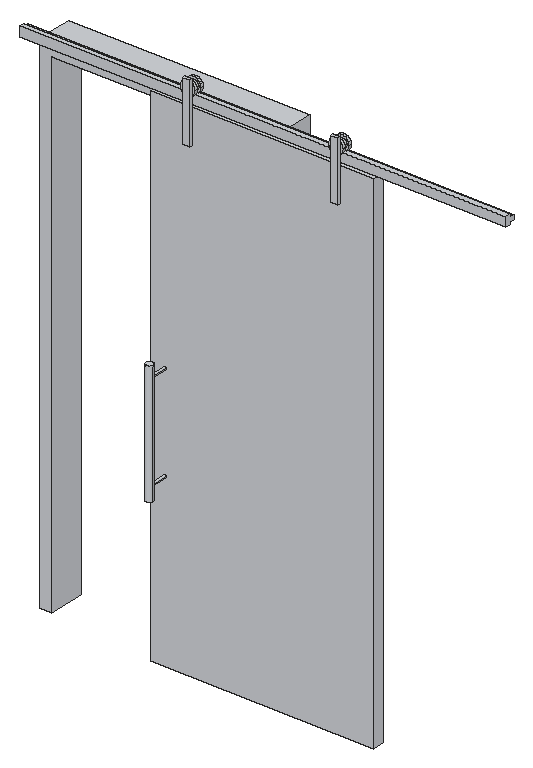
Revit family "Porta de correr sem revestimento - 1 Painel com trilho de aço inoxidável", category Portas, Revit 2019
Family settings
  Hospedeiro = Parede
  Número OmniClass = 23.30.10.00
  Título OmniClass = Doors
  Sempre na vertical = Sim
  Corte com vazios quando carregada = Não
  Compartilhado = Não
  Ponto de cálculo do ambiente = Não
Parameters (values of type "920 x 2100mm")
  Visual Light Transmittance = 0
  Solar Heat Gain Coefficient = 0
  Comprimento da peça deslizante = Width + Largura do painel + 90 mm  # 2000 mm
  Material da apara = none
  Espessura = 45 mm
  Rough Width = Width  # 990 mm
  Rough Height = Height  # 2100 mm
  Material da peça deslizante = none
  Largura do painel = Width - 70 mm  # 920 mm
  Espessura do painel = Espessura  # 45 mm
  Material do painel = none
  ID do tipo de construção = ""
  Coeficiente de transferência de calor (U) = 3.7021 W/(m²·K)
  Material do puxador = none
  Função = Interior
  Height = 2100 mm
  Fechamento da parede = Por hospedeiro
  Width = 990 mm
  Largura da estrutura = 50 mm
  Material da moldura = none
  Largura estendida = Largura do painel - 190 mm  # 730 mm
  Construção analítica = Metal
Types (5, lengths in mm): name | Comprimento da peça deslizante | Rough Width | Largura do painel | Width | Largura estendida
  (no name) | 2000 | 990 | 920 | 990 | 730
  620 x 2100mm | 1400 | 690 | 620 | 690 | 430
  720 x 2100mm | 1600 | 790 | 720 | 790 | 530
  820 x 2100mm | 1800 | 890 | 820 | 890 | 630
  920 x 2100mm | 2000 | 990 | 920 | 990 | 730
Reference planes
  plane 1 "Centro (Frente/Trás)": y = 0
  plane 2 "Centro (Esquerda/Direita)": x = 0
  plane 3 "Esquerda": x = -495
  plane 4 "Direita": x = 495
  plane 5: z = 2100
  plane 6 "Exterior": y = 75
  plane 7 "Interior": y = -75
  plane 8: z = 0
  plane 9: z = 1050
  plane 10: y = -80
  plane 11: y = -125
  plane 12: x = 920
  plane 13: z = 2150
  plane 14: x = -445
  plane 15: x = 1225
  plane 16: x = -545
  plane 17: x = 1455
  plane 18: x = 140
  plane 19: x = 780
  plane 20: z = 2145
  plane 21: x = 60
  plane 22: z = 900
  plane 23: y = -115
  plane 24: y = -95
  plane 25: x = 460
  plane 26: x = 322.5
  plane 27: x = 597.5
  plane 28: through (322.5, -300, 1050) normal (-0.5, 0, 0.866)
  plane 29: through (322.5, -300, 1050) normal (0.5, 0, 0.866)
Forms (mm)
  Extrusion 1, solid, material <- "Material do painel"
    sketch origin (135, -90, 0) x (1, 0, 0) y (0, 1, 0)
      loop
        line (-135, 10) -> (-135, -35) -> (785, -35) -> (785, 10) -> (-135, 10)
    from 0 to 2100
  Sweep 2, solid, material <- "Material da moldura", detail levels medium+fine
    path origin (0, -75, 0) x (1, 0, 0) y (0, 0, 1)
      loop
        line (-495, 0) -> (-495, 2100) -> (495, 2100) -> (495, 0)
    profile origin (-495, -75, 1050) x (-1, 0, 0) y (0, -1, 0)
      loop
        line (0, -150) -> (0, 0) -> (-50, 0) -> (-50, -150) -> (0, -150)
  Sweep 3, solid, material <- "Material da apara"
    path origin (0, -75, 0) x (1, 0, 0) y (0, 0, 1)
      loop
        line (-545, 2145) -> (1455, 2145)
    profile origin (455, -75, 2145) x (0, 0, 1) y (0, -1, 0)
      loop
        line (0, 40) -> (-40, 40) -> (-40, 30) -> (-40, 20) -> (-30, 20) -> (-30, 0) -> (-10, 0) -> (-10, 20) -> (0, 20) -> (0, 40)
Lines and regions (mm)
  Opening 1
    outline origin (-3050, -75, 0) x (1, 0, 0) y (0, 0, 1)
      loop
        line (2555, 0) -> (3545, 0) -> (3545, 2100) -> (2555, 2100) -> (2555, 0)
  symbolic lines, style "Giro da elevação"
    curve 1: line (920, 75, 2100) -> (0, 75, 0)
    curve 2: line (0, 75, 2100) -> (920, 75, 0)
  symbolic lines, style "Recortar"
    curve 3: line (0, -95, 2135) -> (0, -95, 2115)
  symbolic lines, style "Recortar", detail levels fine
    curve 4: line (0, -97, 2143) -> (0, -113, 2143)
    curve 5: line (0, -97, 2107) -> (0, -97, 2143)
    curve 6: line (0, -113, 2143) -> (0, -113, 2107)
    curve 7: line (0, -97, 2107) -> (0, -113, 2107)
    curve 8: line (0, -113, 2143) -> (0, -97, 2107.063)
    curve 9: line (0, -113, 2107) -> (0, -97, 2143)
  symbolic lines, style "Seta"
    curve 10: line (322.5, -75, 1050) -> (597.5, -75, 1050)
    curve 11: line (322.5, -75, 1050) -> (400.442, -75, 1095)
    curve 12: line (322.5, -75, 1050) -> (400.442, -75, 1005)
Text (mm)
  text "Externo" at (-2295.016, 1099.543, 0), in view "Nível de referência"
  text "Externo" at (0, 1615.38, 3698.081), in view "Esquerda"
  text "Externo" at (0, 1036.032, 3874.932), in view "Direita"
Dimensions and locks
  equal spacing: plane 3 "Esquerda", plane 2 "Centro (Esquerda/Direita)", plane 4 "Direita"
  "Width": plane 3 "Esquerda" to plane 4 "Direita"
  "Height": plane 5 to host wall
  host wall to plane 5 = 2100 mm  (x2)
  locked: plane 6 "Exterior" to host wall at 0
  locked: plane 7 "Interior" to host wall
  equal spacing: level, plane 9, plane 5
  locked: plane 7 "Interior" to plane 10 at 5
  "Espessura": plane 10 to plane 11
  "Largura do painel": plane 2 "Centro (Esquerda/Direita)" to plane 12
  locked: plane 13 to plane 5 at 50
  "Largura da estrutura": plane 3 "Esquerda" to plane 14
  plane 5 to plane 13 = 50 mm
  "Largura estendida": plane 4 "Direita" to plane 15
  "Comprimento da peça deslizante": plane 16 to plane 17
  locked: plane 16 to plane 3 "Esquerda" at 50
  plane 18 to plane 2 "Centro (Esquerda/Direita)" = 140 mm
  plane 12 to plane 19 = 140 mm
  locked: plane 20 to plane 5 at 45
  locked: plane 8 to plane 22 at 900
  locked: plane 23 to plane 11 at 10
  locked: plane 24 to plane 11 at 30
  equal spacing: plane 12, plane 25, plane 2 "Centro (Esquerda/Direita)"
  locked: plane 27 to plane 26 at 275
  equal spacing: plane 27, plane 25, plane 26
  locked: curve 11 to curve 11 at 90
  locked: curve 12 to curve 12 at 90
  locked: plane 9 to plane 28 (angle 30.00°)
  locked: plane 29 to plane 9 (angle 30.00°)
  aligned and locked: plane 3 "Esquerda" to Opening 1 sketch curve
  aligned and locked: plane 5 to Opening 1 sketch curve  (x2)
  aligned and locked: Opening 1 sketch curve to plane 4 "Direita"
  aligned and locked: Opening 1 sketch curve to level
  aligned and locked: plane 1 "Centro (Frente/Trás)" to host wall
  aligned and locked: level to plane 8
  aligned and locked: Extrusion 1 to plane 5
  aligned and locked: plane 5 to curve 1
  aligned and locked: level to curve 2
  aligned and locked: plane 5 to curve 2
  aligned and locked: level to curve 1
  aligned and locked: Extrusion 1 to plane 11
  aligned and locked: plane 10 to Extrusion 1
  aligned and locked: plane 12 to Extrusion 1
  aligned and locked: Extrusion 1 to plane 2 "Centro (Esquerda/Direita)"
  aligned and locked: Sweep 2 sketch curve to plane 3 "Esquerda"
  aligned and locked: plane 4 "Direita" to Sweep 2 sketch curve
  aligned and locked: Sweep 2 sketch curve to plane 14
  aligned and locked: plane 6 "Exterior" to Sweep 2 sketch curve
  aligned and locked: Sweep 2 sketch curve to plane 7 "Interior"
  aligned and locked: Extrusion 1 to curve 1
  aligned and locked: Extrusion 1 to curve 2
  aligned and locked: plane 16 to Sweep 3 sketch curve
  aligned and locked: plane 17 to Sweep 3 sketch curve
  aligned and locked: nested 1 to plane 18
  aligned and locked: plane 19 to nested 2
  aligned and locked: Sweep 2 sketch curve to plane 5
  aligned and locked: plane 20 to Sweep 3  (x14)
  aligned and locked: plane 20 to nested 1
  aligned and locked: plane 20 to nested 2
  aligned and locked: plane 21 to nested 3
  aligned and locked: plane 11 to nested 3
  aligned and locked: plane 22 to nested 3
  aligned and locked: nested 1 to plane 11  (x2)
  aligned and locked: nested 2 to plane 11
  aligned and locked: nested 1 to Sweep 3  (x2)
  aligned and locked: Sweep 3 to nested 1
  aligned and locked: plane 11 to nested 1
  aligned and locked: plane 23 to Sweep 3 sketch curve
  aligned and locked: Sweep 3 sketch curve to plane 24  (x2)
  aligned and locked: plane 11 to nested 2
  aligned and locked: curve 10 to plane 9
  aligned and locked: plane 27 to curve 10
  aligned and locked: curve 12 to plane 29
Automatic sketch dimensions
  Sweep 2 sketch curve to level = 0 mm  (x2)
  curve 3 to plane 24 = 0 mm
  curve 8 to plane 24 = 2 mm
  plane 23 to curve 8 = 2 mm
  curve 7 to plane 5 = 7 mm
  curve 5 to curve 8 = 0.063 mm
  curve 8 to curve 3 = 7.937 mm
  curve 3 to plane 20 = 10 mm
  curve 5 to plane 20 = 2 mm
  Extrusion 1 sketch curve to plane 2 "Centro (Esquerda/Direita)" = 0 mm
  plane 11 to Extrusion 1 sketch curve = 0 mm
  Extrusion 1 sketch curve to plane 12 = 0 mm
  Extrusion 1 sketch curve to plane 10 = 0 mm
  curve 1 to plane 2 "Centro (Esquerda/Direita)" = 0 mm
  curve 2 to plane 12 = 0 mm
  Sweep 2 sketch curve to profile plane = 0 mm
  Sweep 3 sketch curve to plane 20 = 0 mm
  Sweep 3 sketch curve to plane 7 "Interior" = 0 mm  (x2)
  profile plane to Sweep 3 sketch curve = 0 mm
  profile plane to Sweep 3 sketch curve = 10 mm
  Sweep 3 sketch curve to Sweep 3 sketch curve = 20 mm
  Sweep 3 sketch curve to Sweep 3 sketch curve = 10 mm  (x2)
  plane 28 to curve 11 = 0 mm
Nested families
  nested 1: "Peça deslizante da porta" at (153.971, -95, 2165), type "Peça deslizante da porta", detail levels medium+fine
  nested 2: "Peça deslizante da porta" at (763.971, -95, 2165), type "Peça deslizante da porta", detail levels medium+fine
  nested 3: "Maçaneta da porta 4" at (60, -102.5, 900), type "Altura 500 mm", detail levels fine
Definition of nested family "Peça deslizante da porta"
  Parameters
    Material da peça deslizante = none
    Espessura do painel = 45 mm
  Reference planes
    plane 1 "Centro (Frente/Trás)": y = 0
    plane 2: z = 0
    plane 3 "Centro (Esquerda/Direita)": x = 0
    plane 4: y = 0
    plane 5: y = -10
    plane 6: y = -20
    plane 7: y = -30
    plane 8: z = 30
    plane 9: z = 40
    plane 10: z = -205
    plane 11: y = 10
    plane 12: y = -40
    plane 13: z = -20
  Forms (mm)
    Extrusion 1, solid, material <- "Material da peça deslizante"
      sketch origin (0, 0, 0) x (1, 0, 0) y (0, 0, 1)
        loop
          circle (0, 0) r 30
      from -10 to 0
    Extrusion 2, solid, material <- "Material da peça deslizante"
      sketch origin (0, 0, 0) x (1, 0, 0) y (0, 0, 1)
        loop
          circle (0, 0) r 20
      from 0 to 20
    Extrusion 3, solid, material <- "Material da peça deslizante"
      sketch origin (0, 0, 0) x (1, 0, 0) y (0, 0, 1)
        loop
          line (16.029, 40) -> (-13.971, 40) -> (-13.971, -205) -> (16.029, -205) -> (16.029, 40)
      from 30 to 40
    Extrusion 4, solid, material <- "Material da peça deslizante"
      sketch origin (0, 0, 0) x (1, 0, 0) y (0, 0, 1)
        loop
          circle (0, 0) r 30
      from 20 to 30
  Dimensions and locks
    locked: plane 9 to plane 8 at 10
    locked: plane 9 to plane 10 at 245
    plane 2 to plane 13 = 20 mm
    aligned and locked: level to plane 2
    aligned and locked: plane 4 to Extrusion 1
    aligned and locked: Extrusion 2 to plane 4
    aligned and locked: plane 9 to Extrusion 3
    aligned and locked: Extrusion 3 to plane 10
    aligned and locked: plane 11 to Extrusion 1
    aligned and locked: Extrusion 4 to plane 6
    aligned and locked: plane 7 to Extrusion 4
Definition of nested family "Maçaneta da porta 4"
  Parameters
    Espessura do painel = 45 mm
    Material do puxador = none
    Raio do puxador = 15 mm
    Altura do puxador = 500 mm
    Profundidade do puxador = 80 mm
    Raio do conector = 5 mm
    Altura do conector = Altura do puxador - 100 mm  # 400 mm
    Assembly Code = ""
  Reference planes
    plane 1 "Centro (Frente/Trás)": y = 0
    plane 2: z = 0
    plane 3 "Centro (Esquerda/Direita)": x = 0
    plane 4: z = 250
    plane 5: y = -102.5
    plane 6: z = -250
    plane 7: z = 200
    plane 8: z = -200
    plane 9: y = -22.5
    plane 10: y = 22.5
    plane 11: y = 102.5
  Forms (mm)
    Extrusion 1, solid, material <- "Material do puxador"
      sketch origin (0, -30.569, 0) x (1, 0, 0) y (0, 1, 0)
        loop
          circle (0, -71.931) r 15
      from -250 to 250
    Extrusion 2, solid, material <- "Material do puxador"
      sketch origin (0, 0, 0) x (1, 0, 0) y (0, 0, 1)
        loop
          circle (0, 200) r 5
        loop
          circle (0, -200) r 5
      from 22.5 to 102.5
    Extrusion 3, solid, material <- "Material do puxador"
      sketch origin (0, 0, 0) x (1, 0, 0) y (0, 0, -1)
        loop
          circle (0, -200) r 5
        loop
          circle (0, 200) r 5
      from 22.5 to 102.5
    Extrusion 4, solid, material <- "Material do puxador"
      sketch origin (0, 30.569, 0) x (1, 0, 0) y (0, 1, 0)
        loop
          circle (0, 71.931) r 15
      from -250 to 250
  Dimensions and locks
    equal spacing: plane 4, plane 2, plane 6
    "Altura do puxador": plane 4 to plane 6
    equal spacing: plane 7, plane 2, plane 8
    "Altura do conector": plane 7 to plane 8
    equal spacing: plane 9, plane 1 "Centro (Frente/Trás)", plane 10
    "Profundidade do puxador": plane 9 to plane 5
    "Profundidade do puxador": plane 10 to plane 11
    "Espessura do painel": plane 9 to plane 10
    "Raio do puxador": radius of Extrusion 1 sketch curve
    "Raio do conector": radius of Extrusion 2 sketch curve  (x2)
    "Raio do conector": radius of Extrusion 3 sketch curve  (x2)
    "Raio do puxador": radius of Extrusion 4 sketch curve
    aligned and locked: plane 6 to Extrusion 1
    aligned and locked: plane 4 to Extrusion 1
    aligned: Extrusion 2 to plane 5
    aligned and locked: Extrusion 2 to plane 5  (x2)
    aligned and locked: plane 9 to Extrusion 2
    aligned and locked: plane 5 to Extrusion 1 sketch curve
    aligned and locked: plane 3 "Centro (Esquerda/Direita)" to Extrusion 1 sketch curve
    aligned and locked: Extrusion 2 to plane 9  (x2)
    aligned and locked: plane 10 to Extrusion 3
    aligned and locked: Extrusion 3 to plane 11
    aligned and locked: plane 11 to Extrusion 4 sketch curve
    aligned and locked: plane 3 "Centro (Esquerda/Direita)" to Extrusion 4 sketch curve
    aligned and locked: plane 4 to Extrusion 4
    aligned and locked: plane 6 to Extrusion 4
  Automatic sketch dimensions
    Extrusion 2 sketch curve to plane 3 "Centro (Esquerda/Direita)" = 0 mm  (x2)
    Extrusion 2 sketch curve to plane 8 = 0 mm
    Extrusion 2 sketch curve to plane 7 = 0 mm
    Extrusion 3 sketch curve to plane 3 "Centro (Esquerda/Direita)" = 0 mm  (x2)
    Extrusion 3 sketch curve to plane 7 = 0 mm
    Extrusion 3 sketch curve to plane 8 = 0 mm
